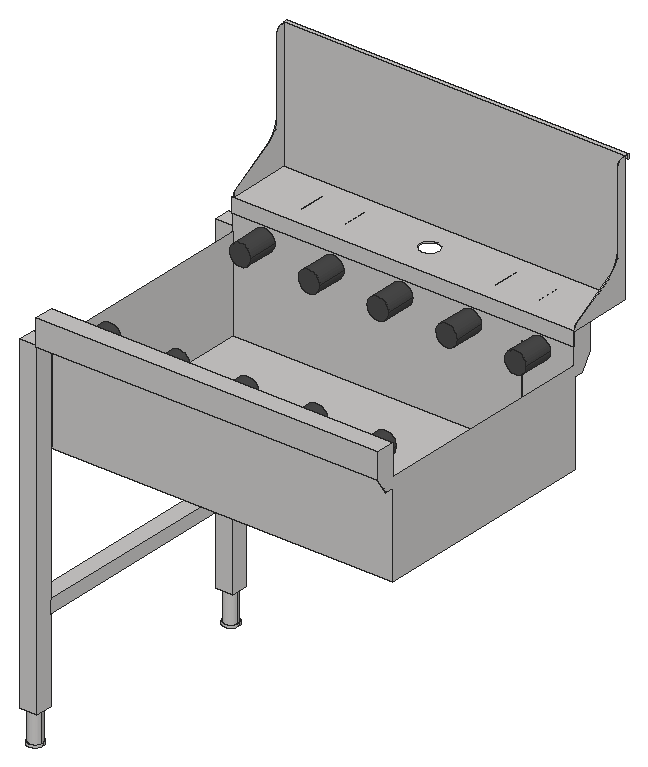
Revit family "QF_ELECTROLUXPROFESSIONAL_865213_HSSRDB8SB", category Specialty Equipment, Revit 2018
Family settings
  Round Connector Dimension = Use Diameter
  Part Type = Normal
  Work Plane-Based = No
  Always vertical = Yes
  Cut with Voids When Loaded = No
  Shared = No
  Room Calculation Point = No
Parameters
  Weight = 0.00 kg
  Watts = 0 W
  Volts = 0 V
  URL Manufacturer = "http://professional.electrolux.com/"
  URL = "http://professional.electrolux.com/"
  Steam Supply Size = 0 mm
  Steam Supply Minimum Pressure = 0.0 Pa
  Steam Supply Maximum Pressure = 0.0 Pa
  Steam Pounds per Hour = 0
  Refrigeration Suction Line Size = 0 mm
  Refrigeration Liquid Line Size = 0 mm
  Refrigerant Compressor Remote = yes
  Manufacturer = "Electrolux"
  Phase = 0
  Model = "HSSRDB8SB"
  Length Actual = 735 mm  # constant formula
  Item Number = "865213"
  Hot Water Size = 0 mm
  Height Actual = 1213 mm  # constant formula
  HP = "0 HP"
  Gas Size = 0 mm
  Gas KW = 0
  Gas Input Pressure = 0 W
  Description = "SHORT ROLLER CONVEYOR WITH DEEP BASIN + SPLASHB., L=800MM"
  Depth Actual = 1213 mm  # constant formula
  Cycle = 0 Hz
  Condensate Return Size = 0 mm
  Compressed Air Volume = 0.0 L/s
  Compressed Air Size = 0 mm
  Compressed Air Pressure = 0.0 Pa
  Cold Water Size = 0 mm
  Accessory = yes
Reference planes
  plane 1 "Centro (Fronte/Retro)": y = 74.737
  plane 2: z = 0
  plane 3 "LEFT": x = -1038.761
  plane 4 "BACK": y = 499.737
  plane 5 "FRONT": y = -235.263
  plane 6: z = 910
  plane 7 "RIGHT": x = -238.761
Forms (mm)
  Extrusion 1, solid, material "QF_Finishes_Stainless Steel"
    sketch origin (0, 74.737, 0) x (1, 0, 0) y (0, 0, 1)
      loop
        line (-1079.929, 300) -> (-1079.929, 270) -> (-1039.929, 270) -> (-1039.929, 300) -> (-1079.929, 300)
    from -266.504 to 266.46
  Extrusion 2, solid, material "QF_Finishes_Stainless Steel"
    sketch origin (11.239, 0, 0) x (0, 1, 0) y (0, 0, 1)
      loop
        line (-235.263, 910) -> (-235.263, 850.033) -> (-190.242, 850.033) -> (-190.242, 910) -> (-235.263, 910)
      loop
        line (384.737, 910) -> (339.716, 910) -> (339.716, 850.033) -> (384.737, 850.033) -> (384.737, 910)
    from -1048.8 to -251.2
  Extrusion 3, solid, material "QF_Finishes_Stainless Steel"
    sketch origin (11.239, 0, 0) x (0, 1, 0) y (0, 0, 1)
      loop
        line (-191.727, 850.033) -> (-191.727, 618.033) -> (341.245, 618.033) -> (341.245, 850.033) -> (339.716, 850.033) -> (339.716, 621.033) -> (-190.242, 621.033) -> (-190.242, 850.033) -> (-191.727, 850.033)
    from -1048.8 to -251.2
  Extrusion 4, solid, material "QF_Finishes_Stainless Steel"
    sketch origin (1061.239, 723.253, 4000) x (0, 1, 0) y (0, 0, 1)
      loop
        line (-958.516, -3090) -> (-958.516, -3149.967) -> (-934.752, -3185.632) -> (-914.981, -3185.632) -> (-914.981, -3381.967) -> (-382.009, -3381.967) -> (-382.009, -3185.632) -> (-362.281, -3185.632) -> (-338.516, -3149.967) -> (-338.516, -3090) -> (-383.538, -3090) -> (-383.538, -3161.926) -> (-913.495, -3161.926) -> (-913.495, -3090) -> (-958.516, -3090)
    from -1300 to -1301.2
  Revolve 5, solid, material "QF_Finishes_Stainless Steel"
    sketch origin (-638.761, 0, 0) x (0, 1, 0) y (0, 0, 1)
      loop
        line (74.737, 618.033) -> (-1.756, 618.033) -> (-1.756, 601.823) -> (0.354, 601.823)
        arc (0.354, 601.823) -> (3.64, 597.973) -> (0.351, 594.125) r 3.897
        line (0.351, 594.125) -> (-1.756, 594.125) -> (-1.756, 551.31)
        arc (-1.756, 551.31) -> (8.91, 520.632) -> (36.296, 503.17) r 49.497
        line (36.296, 503.17) -> (36.296, 500.684) -> (37.487, 497.398) -> (51.25, 491.407) -> (51.25, 455.535) -> (52.727, 454.059) -> (74.737, 454.059) -> (74.737, 618.033)
      axis (74.737, 454.059) -> (74.737, 618.033)
    angle from 0 to 360
  Extrusion 6, solid, material "QF_Finishes_Stainless Steel"
    sketch origin (-537.561, 723.253, 4000) x (0, 1, 0) y (0, 0, 1)
      loop
        line (-958.516, -3090) -> (-958.516, -3149.967) -> (-914.981, -3149.967) -> (-914.981, -3381.967) -> (-382.009, -3381.967) -> (-382.009, -3149.967) -> (-338.516, -3149.967) -> (-338.516, -3090) -> (-383.538, -3090) -> (-383.538, -3161.926) -> (-913.495, -3161.926) -> (-913.495, -3090) -> (-958.516, -3090)
    from -500 to -501.2
  Extrusion 7, solid, material "QF_Finishes_Black"
    sketch origin (0, 74.737, 0) x (1, 0, 0) y (0, 0, -1)
      loop
        circle (-961.28, -850.115) r 25
      loop
        circle (-799.994, -850.115) r 25
      loop
        circle (-638.761, -850.115) r 25
      loop
        circle (-477.528, -850.115) r 25
      loop
        circle (-316.242, -850.115) r 25
    from 190.58 to 260.534
  Extrusion 8, solid, material "QF_Finishes_Black"
    sketch origin (0, 74.737, 0) x (1, 0, 0) y (0, 0, 1)
      loop
        circle (-961.28, 850.115) r 25
      loop
        circle (-799.994, 850.115) r 25
      loop
        circle (-638.761, 850.115) r 25
      loop
        circle (-477.528, 850.115) r 25
      loop
        circle (-316.242, 850.115) r 25
    from 190.58 to 260.534
  Extrusion 9, solid, material "QF_Finishes_Stainless Steel"
    sketch origin (-239.961, 342.237, 0) x (0, 1, 0) y (0, 0, -1)
      loop
        line (-2.521, -910) -> (-2.521, -879.543) -> (-4.021, -879.543) -> (-4.021, -911.5) -> (145.999, -911.5) -> (145.999, -1213) -> (157.5, -1213) -> (157.5, -1202.537) -> (156, -1202.537) -> (156, -1211.5) -> (147.499, -1211.5) -> (147.499, -910) -> (-2.521, -910)
    from -1.2 to 798.8
  Extrusion 10, solid, material "QF_Finishes_Stainless Steel"
    sketch origin (-915.761, 342.237, 0) x (0, 1, 0) y (0, 0, 1)
      loop
        line (-0.992, 624.033) -> (13.767, 624.033)
        arc (13.767, 624.033) -> (17.303, 625.498) -> (18.768, 629.034) r 5.001
        line (18.768, 629.034) -> (18.768, 745.739) -> (102.636, 891.045) -> (102.636, 910) -> (42.5, 910) -> (42.5, 850.033) -> (-0.992, 850.033) -> (-0.992, 624.033)
    from 0 to 3
  Extrusion 11, solid, material "QF_Finishes_Stainless Steel"
    sketch origin (-818.761, 342.237, 0) x (0, 1, 0) y (0, 0, 1)
      loop
        line (-0.992, 624.033) -> (13.767, 624.033)
        arc (13.767, 624.033) -> (17.303, 625.498) -> (18.768, 629.034) r 5.001
        line (18.768, 629.034) -> (18.768, 745.739) -> (102.636, 891.045) -> (102.636, 910) -> (42.5, 910) -> (42.5, 850.033) -> (-0.992, 850.033) -> (-0.992, 624.033)
    from 0 to 3
  Extrusion 12, solid, material "QF_Finishes_Stainless Steel"
    sketch origin (-205.939, 342.237, 13) x (-1, 0, 0) y (0, 0, 1)
      loop
        line (706.822, 837.033) -> (612.822, 837.033) -> (612.822, 611.033) -> (706.822, 611.033) -> (706.822, 837.033)
    from -0.992 to 1.008
  Extrusion 13, solid, material "QF_Finishes_Stainless Steel"
    sketch origin (-239.961, 342.237, 0) x (0, 1, 0) y (0, 0, -1)
      loop
        line (1.051, -911.5) -> (1.051, -914.619)
        arc (1.051, -914.619) -> (2.37, -919.604) -> (6.004, -923.263) r 9.963
        line (6.004, -923.263) -> (100.988, -978.112)
        arc (100.988, -978.112) -> (119.305, -996.412) -> (126.02, -1021.418) r 50.023
        line (126.02, -1021.418) -> (126.02, -1196.012)
        arc (126.02, -1196.012) -> (130.414, -1206.62) -> (141.022, -1211.014) r 15.003
        line (141.022, -1211.014) -> (145.999, -1211.014) -> (145.999, -911.5) -> (1.051, -911.5)
    from -1.2 to 0
  Extrusion 14, solid, material "QF_Finishes_Stainless Steel"
    sketch origin (-1033.961, 342.237, 0) x (0, 1, 0) y (0, 0, -1)
      loop
        line (141.022, -1211.014) -> (145.999, -1211.014) -> (145.999, -911.5) -> (1.051, -911.5) -> (1.051, -914.619)
        arc (1.051, -914.619) -> (2.37, -919.604) -> (6.004, -923.263) r 9.963
        line (6.004, -923.263) -> (100.988, -978.112)
        arc (100.988, -978.112) -> (119.305, -996.412) -> (126.02, -1021.418) r 50.023
        line (126.02, -1021.418) -> (126.02, -1196.012)
        arc (126.02, -1196.012) -> (130.414, -1206.62) -> (141.022, -1211.014) r 15.003
    from 3.6 to 4.8
  Extrusion 15, void
    sketch origin (0, 0, 0) x (1, 0, 0) y (0, 1, 0)
      loop
        circle (-638.761, 417.226) r 22.503
    from 910 to 911.5
  Extrusion 16, solid, material "QF_Finishes_Stainless Steel"
    sketch origin (-361.761, 342.237, 0) x (0, 1, 0) y (0, 0, -1)
      loop
        line (-0.992, -624.033) -> (-0.992, -850.033) -> (42.5, -850.033) -> (42.5, -910) -> (102.636, -910) -> (102.636, -891.045) -> (18.768, -745.739) -> (18.768, -629.034)
        arc (18.768, -629.034) -> (17.303, -625.498) -> (13.767, -624.033) r 5.001
        line (13.767, -624.033) -> (-0.992, -624.033)
    from 0 to 3
  Extrusion 17, solid, material "QF_Finishes_Stainless Steel"
    sketch origin (-458.761, 342.237, 0) x (0, 1, 0) y (0, 0, -1)
      loop
        line (-0.992, -624.033) -> (-0.992, -850.033) -> (42.5, -850.033) -> (42.5, -910) -> (102.636, -910) -> (102.636, -891.045) -> (18.768, -745.739) -> (18.768, -629.034)
        arc (18.768, -629.034) -> (17.303, -625.498) -> (13.767, -624.033) r 5.001
        line (13.767, -624.033) -> (-0.992, -624.033)
    from 0 to 3
  Extrusion 18, solid, material "QF_Finishes_Stainless Steel"
    sketch origin (-1071.583, 342.237, 13) x (1, 0, 0) y (0, 0, -1)
      loop
        line (706.822, -837.033) -> (706.822, -611.033) -> (612.822, -611.033) -> (612.822, -837.033) -> (706.822, -837.033)
    from -0.992 to 1.008
Cuts and joins
  joined: Extrusion 2, Extrusion 3, Extrusion 4, Revolve 5, Extrusion 6
  Extrusion 15 cuts Extrusion 9
  joined: Extrusion 9, Extrusion 10, Extrusion 11, Extrusion 12, Extrusion 13, Extrusion 14, Extrusion 16, Extrusion 17, Extrusion 18
Lines and regions (mm)
  Split face 1
    outline origin (408.239, 339.716, 621.033) x (-1, 0, 0) y (0, -1, 0)
      loop
        circle (1047, 264.904) r 3.016
  Split face 2
    outline origin (408.239, 339.716, 621.033) x (-1, 0, 0) y (0, -1, 0)
      loop
        circle (1047, 264.904) r 52.991
  Split face 3
    outline origin (408.239, 339.716, 621.033) x (-1, 0, 0) y (0, -1, 0)
      loop
        circle (1047, 264.904) r 36.015
  Split face 4
    outline origin (408.239, 339.716, 621.033) x (-1, 0, 0) y (0, -1, 0)
      loop
        circle (1047, 264.904) r 26.027
  Split face 5
    outline origin (408.239, 339.716, 621.033) x (-1, 0, 0) y (0, -1, 0)
      loop
        circle (1047, 264.904) r 9.056
  Masking region 1
    outline origin (0, 0, 0) x (1, 0, 0) y (0, 1, 0)
      loop
        line (-1038.761, 499.737) -> (-1038.761, -235.263) -> (-238.761, -235.263) -> (-238.761, 499.737) -> (-1038.761, 499.737)
  symbolic lines
    curve 1: line (-238.761, 499.737, 0) -> (-1038.761, 499.737, 0)
    curve 2: line (-1038.761, 499.737, 0) -> (-1038.761, -235.263, 0)
    curve 3: line (-1038.761, 339.716, 0) -> (-238.761, 339.716, 0)
    curve 4: line (-1038.761, -235.263, 0) -> (-238.761, -235.263, 0)
    curve 5: line (-238.761, -235.263, 0) -> (-238.761, 499.737, 0)
    curve 6: line (-238.761, -190.242, 0) -> (-1038.761, -190.242, 0)
    curve 7: line (-936.28, 335.271, 0) -> (-986.28, 335.271, 0)
    curve 8: line (-986.28, 335.271, 0) -> (-986.28, 265.317, 0)
    curve 9: line (-986.28, 265.317, 0) -> (-936.28, 265.317, 0)
    curve 10: line (-936.28, 265.317, 0) -> (-936.28, 335.271, 0)
    curve 11: line (-774.994, 335.271, 0) -> (-824.994, 335.271, 0)
    curve 12: line (-824.994, 335.271, 0) -> (-824.994, 265.317, 0)
    curve 13: line (-824.994, 265.317, 0) -> (-774.994, 265.317, 0)
    curve 14: line (-774.994, 265.317, 0) -> (-774.994, 335.271, 0)
    curve 15: line (-613.761, 335.271, 0) -> (-663.761, 335.271, 0)
    curve 16: line (-663.761, 335.271, 0) -> (-663.761, 265.317, 0)
    curve 17: line (-663.761, 265.317, 0) -> (-613.761, 265.317, 0)
    curve 18: line (-613.761, 265.317, 0) -> (-613.761, 335.271, 0)
    curve 19: line (-452.528, 335.271, 0) -> (-502.528, 335.271, 0)
    curve 20: line (-502.528, 335.271, 0) -> (-502.528, 265.317, 0)
    curve 21: line (-502.528, 265.317, 0) -> (-452.528, 265.317, 0)
    curve 22: line (-452.528, 265.317, 0) -> (-452.528, 335.271, 0)
    curve 23: line (-291.242, 335.271, 0) -> (-341.242, 335.271, 0)
    curve 24: line (-341.242, 335.271, 0) -> (-341.242, 265.317, 0)
    curve 25: line (-341.242, 265.317, 0) -> (-291.242, 265.317, 0)
    curve 26: line (-291.242, 265.317, 0) -> (-291.242, 335.271, 0)
    curve 27: line (-936.28, -185.797, 0) -> (-986.28, -185.797, 0)
    curve 28: line (-986.28, -185.797, 0) -> (-986.28, -115.842, 0)
    curve 29: line (-986.28, -115.842, 0) -> (-936.28, -115.842, 0)
    curve 30: line (-936.28, -115.842, 0) -> (-936.28, -185.797, 0)
    curve 31: line (-774.994, -185.797, 0) -> (-824.994, -185.797, 0)
    curve 32: line (-824.994, -185.797, 0) -> (-824.994, -115.842, 0)
    curve 33: line (-824.994, -115.842, 0) -> (-774.994, -115.842, 0)
    curve 34: line (-774.994, -115.842, 0) -> (-774.994, -185.797, 0)
    curve 35: line (-613.761, -185.797, 0) -> (-663.761, -185.797, 0)
    curve 36: line (-663.761, -185.797, 0) -> (-663.761, -115.842, 0)
    curve 37: line (-663.761, -115.842, 0) -> (-613.761, -115.842, 0)
    curve 38: line (-613.761, -115.842, 0) -> (-613.761, -185.797, 0)
    curve 39: line (-452.528, -185.797, 0) -> (-502.528, -185.797, 0)
    curve 40: line (-502.528, -185.797, 0) -> (-502.528, -115.842, 0)
    curve 41: line (-502.528, -115.842, 0) -> (-452.528, -115.842, 0)
    curve 42: line (-452.528, -115.842, 0) -> (-452.528, -185.797, 0)
    curve 43: line (-291.242, -185.797, 0) -> (-341.242, -185.797, 0)
    curve 44: line (-341.242, -185.797, 0) -> (-341.242, -115.842, 0)
    curve 45: line (-341.242, -115.842, 0) -> (-291.242, -115.842, 0)
    curve 46: line (-291.242, -115.842, 0) -> (-291.242, -185.797, 0)
    curve 47: line (-1038.761, 343.288, 0) -> (-1037.561, 343.288, 0)
    curve 48: line (-1037.561, 343.288, 0) -> (-1037.561, 488.236, 0)
    curve 49: line (-1038.761, 488.236, 0) -> (-238.761, 488.236, 0)
    curve 50: line (-239.961, 488.236, 0) -> (-239.961, 343.288, 0)
    curve 51: line (-239.961, 343.288, 0) -> (-238.761, 343.288, 0)
    curve 52: arc (-661.264, 417.226, 0) -> (-638.761, 439.729, 0) -> (-616.258, 417.226, 0) r 22.503
    curve 53: arc (-616.258, 417.226, 0) -> (-638.761, 394.723, 0) -> (-661.264, 417.226, 0) r 22.503
    curve 54: line (-238.761, 74.737, 0) -> (-268.761, 74.737, 0)
    curve 55: line (-1038.761, 74.737, 0) -> (-1008.761, 74.737, 0)
    curve 56: arc (-638.761, 151.231, 0) -> (-562.267, 74.737, 0) -> (-638.761, -1.756, 0) r 76.494
    curve 57: arc (-638.761, -1.756, 0) -> (-715.254, 74.737, 0) -> (-638.761, 151.231, 0) r 76.494
    curve 58: arc (-638.761, 96.747, 0) -> (-660.771, 74.737, 0) -> (-638.761, 52.727, 0) r 22.01
    curve 59: arc (-638.761, 52.727, 0) -> (-616.751, 74.737, 0) -> (-638.761, 96.747, 0) r 22.01
Dimensions and locks
  plane 3 "LEFT" to plane 7 "RIGHT" = 800 mm
  plane 4 "BACK" to plane 1 "Centro (Fronte/Retro)" to plane 5 "FRONT" = 425 mm, 310 mm
  plane 4 "BACK" to plane 5 "FRONT" = 735 mm
  aligned and locked: level to plane 2
Nested families
  nested 1: "Foot_40x40" at (-1059.929, 361.245, 0), type "Foot_40x40"
    with A 850.033 mm
  nested 2: "Foot_40x40" at (-1059.929, -211.771, 0), type "Foot_40x40"
    with A 850.033 mm
Connectors
  piping at (-638.761, 74.737, 454.059), diameter 30
    settings: on cut or joined group of Extrusion 2, Extrusion 3, Extrusion 4, Revolve 5, Extrusion 6, index 1, connector inside diameter 609.6 mm, connector length 0 mm, flow factor 0, pipe flow 0.0 L/s, pressure drop 0.0 Pa, fitting loss kfactor 0, connector angle 0.00°, fixture units 0, engagement length 0 mm, angle of deflection 0.00°, flow configuration 1, flow direction 2, fitting loss method 0, system type 16, joint type 0, gender type 0, connector reference index -1, connector utility 0, adjustable connector no, is connector primary yes, connector description "Drain"
Definition of nested family "Foot_40x40"
  Parameters
    A [instance] = 850 mm
  Reference planes
    plane 1 "Centro (Fronte/Retro)": y = 0
    plane 2: z = 0
    plane 3 "Centro (Sinistra/Destra)": x = 0
    plane 4: z = 850
  Forms (mm)
    Extrusion 1, solid
      sketch origin (0, 0, 0) x (1, 0, 0) y (0, 1, 0)
        loop
          circle (0, 0) r 18
      from 0 to 5
    Extrusion 2, solid
      sketch origin (0, 0, 5) x (1, 0, 0) y (0, 1, 0)
        loop
          circle (0, 0) r 15
      from 0 to 70
    Extrusion 3, solid
      sketch origin (0, 0, 75) x (1, 0, 0) y (0, 1, 0)
        loop
          line (-20, 20) -> (-20, -20) -> (20, -20) -> (20, 20) -> (-20, 20)
      from 0 to 775
  Dimensions and locks
    "A": plane 4 to plane 2
    aligned and locked: level to plane 2
    aligned and locked: plane 4 to Extrusion 3
    aligned and locked: Extrusion 1 to level
  Automatic sketch dimensions
    plane 1 "Centro (Fronte/Retro)" to Extrusion 1 sketch curve = 0 mm
    Extrusion 1 sketch curve to plane 3 "Centro (Sinistra/Destra)" = 0 mm
    Extrusion 3 sketch curve to Extrusion 3 sketch curve = 40 mm  (x2)
    radius of Extrusion 1 sketch curve = 18 mm
    radius of Extrusion 2 sketch curve to Extrusion 1 = 3 mm
